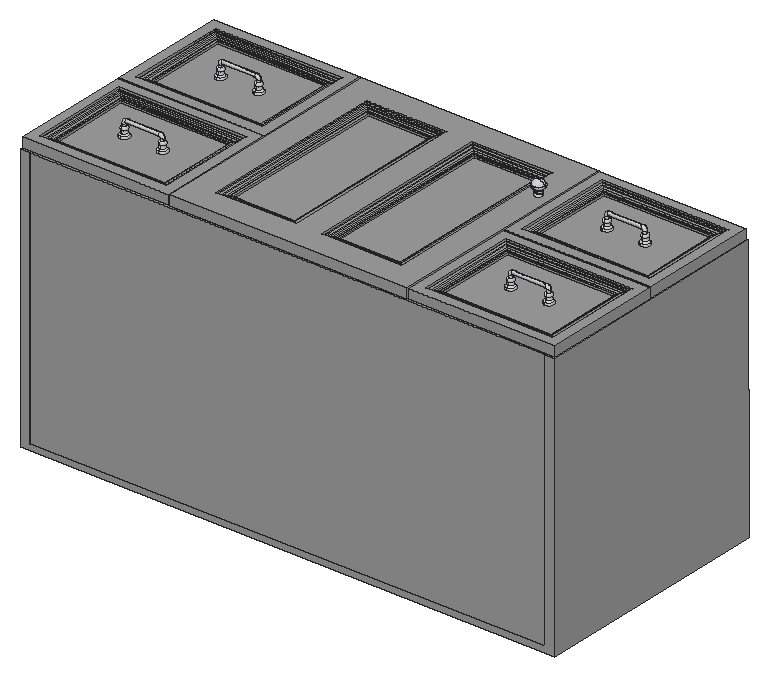
Revit family "Furniture-Vanity_Wall_Mount-KOHLER-Damask-K-99563", category Casework, host Face, Revit 2020
Family settings
  Host = Face
  OmniClass Number = 23.40.35.17.47.14
  OmniClass Title = Bathroom Casework
  Cut with Voids When Loaded = No
  Shared = No
  Room Calculation Point = No
Parameters (values of type "Not a Type-See Type Catalog")
  Width = 42"  # constant formula
  URL = "https://www.us.kohler.com/us/"
  Type = 0
  Product data url = "https://bimobject.com/kohler/product/kohler-K-99563"
  Product Page URL = "http://www.us.kohler.com/us/catalog/productDetails.jsp?productNumber=99563"
  Product Name = "Damask"  # constant formula
  Product Guid = "f839ac50-857e-48b7-a8b8-39f53af001d1"
  Product Documentation Link = "http://www.us.kohler.com/onlinecatalog/pdf/K-99563_spec.pdf"
  Model = if(Type = 1, "K-99563-1WA", if(Type = 2, "K-99563-1WF", if(Type = 3, "K-99563-1WD", if(Type = 4, "K-99563-1WG", if(Type = 5, "K-99563-1WB", if(Type = 6, "K-99563-1WC", if(Type = 7, "K-99563-1WE", if(Type = 8, "K-99563-1WT", if(Type = 9, "K-99563-1WU", "NA")))))))))  # "NA"
  Material = "Solid Wood and Veneers"  # constant formula
  MasterFormat 2004 = "08.71.73"  # constant formula
  MasterFormat 1995 = "08715"  # constant formula
  Manufacturer Address = "444 Highland Dr, Kohler, WI 53044"  # constant formula
  Manufacturer = "KOHLER Co."  # constant formula
  Product Finish = Default
  Height = 19"  # constant formula
  Hardware Included = 0 = 1  # no
  Finish = if(Type = 1, "Kohler-Wood-1WA-Linen White", if(Type = 2, "Kohler-Wood-1WF-Khaki White Oak", if(Type = 3, "Kohler-Wood-1WD-Ramie Walnut", if(Type = 4, "Kohler-Wood-1WG-Cherry Tweed", if(Type = 5, "Kohler-Wood-1WB-Claret Suede", if(Type = 6, "Kohler-Wood-1WC-Felt Grey", if(Type = 7, "Kohler-Wood-1WE-Terry Walnut", if(Type = 8, "Kohler-Wood-1WT-Mohair Grey", if(Type = 9, "Kohler-Wood-1WU-Batiste Black", "NA")))))))))  # "NA"
  Environmental Product Declaration = ""
  Edition number = 1
  Description = "42 inch wall-hung bathroom vanity cabinet with 1 door and 4 drawers"  # constant formula
  Depth = 21 7/8"  # constant formula
  Default Elevation = 35"
  Declare Label = ""
  Date Modified = "06/11/2018"  # constant formula
  Date Created = "06/11/2018"  # constant formula
  Copyright = "Copyright KOHLER Co."  # constant formula
  Contact Us = "https://www.us.kohler.com/us/static/contact.jsp"
  Construction Type = "Wall_Mount"  # constant formula
  Assembly Code = "E2010"
  ADA Compliant = 1 = 0  # no
Reference planes (in)
  plane 1 "Center (Front/Back)": y = 0
  plane 2: z = 0
  plane 3 "Center (Left/Right)": x = 0
  plane 4: y = 9.52
  plane 5: y = -9.48
  plane 6: x = -21
  plane 7: x = 21
  plane 8: z = 21.875
Dimensions and locks (in)
  "Height": plane 5 to plane 4
  equal spacing: plane 6, plane 3 "Center (Left/Right)", plane 7, locked at 21 each
  "Width": plane 6 to plane 7
  "Depth": plane 8 to level
  aligned and locked: plane 2 to host face
  aligned and locked: level to host face
  aligned and locked: plane 4 to nested 1
  aligned and locked: plane 5 to nested 1
  aligned and locked: plane 6 to nested 1
  aligned and locked: plane 7 to nested 1
  aligned and locked: plane 8 to nested 1
  aligned and locked: level to nested 1
Automatic sketch dimensions
  host sketch curve to host sketch curve = 96"  (x2)
Nested families (in)
  nested 1: "K-99563" at (0, 0, 0), type "K-99563"
Definition of nested family "K-99563"
  Parameters (values of type "K-99563")
    Material = none
    Default Elevation = 0"
  Reference planes (in)
    plane 1 "Center (Front/Back)": y = 0
    plane 2: z = 0
    plane 3 "Center (Left/Right)": x = 0
    plane 4: y = -9.48
    plane 5: y = 9.52
    plane 6: z = 21.875
    plane 7: x = -21
    plane 8: x = 21
  Forms (in)
    Extrusion 1, solid, material <- "Material", detail levels medium+fine
      sketch origin (0, 0, 0) x (1, 0, 0) y (0, 1, 0)
        loop
          line (9.4375, 0.06247) -> (20.9375, 0.06247) -> (20.9375, 9.3958) -> (9.4375, 9.3958) -> (9.4375, 0.06247)
        loop
          line (20.9375, -0.06087) -> (9.4375, -0.06087) -> (9.4375, -9.3942) -> (20.9375, -9.3942) -> (20.9375, -0.06087)
        loop
          line (9.3125, 9.3958) -> (-9.3125, 9.3958) -> (-9.3125, -9.39422) -> (9.3125, -9.39422) -> (9.3125, 9.3958)
        loop
          line (-20.9375, -9.3942) -> (-9.4375, -9.3942) -> (-9.4375, -0.06087) -> (-20.9375, -0.06087) -> (-20.9375, -9.3942)
        loop
          line (-20.9375, 9.395) -> (-20.9375, 0.06247) -> (-9.4375, 0.06247) -> (-9.4375, 9.395) -> (-20.9375, 9.395)
        loop
          line (-20.18745, 8.64575) -> (-20.18745, 0.81252) -> (-10.18755, 0.81252) -> (-10.18755, 8.64575) -> (-20.18745, 8.64575)
        loop
          line (-20.18745, -0.81092) -> (-20.18745, -8.64415) -> (-10.18755, -8.64415) -> (-10.18755, -0.81092) -> (-20.18745, -0.81092)
        loop
          line (7.3125, -7.39418) -> (7.3125, 7.39576) -> (1, 7.39576) -> (1, -7.39418) -> (7.3125, -7.39418)
        loop
          line (-7.3125, 7.39576) -> (-7.3125, -7.39418) -> (-1, -7.39418) -> (-1, 7.39576) -> (-7.3125, 7.39576)
        loop
          line (10.18755, -0.81092) -> (10.18755, -8.64415) -> (20.18745, -8.64415) -> (20.18745, -0.81092) -> (10.18755, -0.81092)
        loop
          line (10.18755, 8.64575) -> (10.18755, 0.81252) -> (20.18745, 0.81252) -> (20.18745, 8.64575) -> (10.18755, 8.64575)
      from 21.06253 to 21.81396
    Extrusion 2, solid, material <- "Material", detail levels medium+fine
      sketch origin (0, 0, 0) x (1, 0, 0) y (0, 0, 1)
        loop
          line (-21, 21) -> (-21, 0) -> (21, 0) -> (21, 21) -> (20.25, 21) -> (20.25, 0.5) -> (-20.25, 0.5) -> (-20.25, 21) -> (-21, 21)
      from -9.52 to 9.52
    Extrusion 3, solid, material <- "Material", detail levels medium+fine
      sketch origin (0, 0, 0) x (0, 1, 0) y (0, 0, 1)
        loop
          line (8.52, 20.25) -> (6.52, 20.25) -> (6.52, 21) -> (-8.77, 21) -> (-8.77, 0.5) -> (3.145, 0.5) -> (3.145, 16.25)
          arc (3.145, 16.25) -> (3.73079, 17.66421) -> (5.145, 18.25) r 2
          line (5.145, 18.25) -> (8.27, 18.25) -> (8.52, 18.5) -> (8.52, 20.25)
      from 9 to 9.75
    Extrusion 4, solid, material <- "Material", detail levels medium+fine
      sketch origin (0, 0, 0) x (0, 1, 0) y (0, 0, 1)
        loop
          line (8.52, 20.25) -> (6.52, 20.25) -> (6.52, 21) -> (-8.77, 21) -> (-8.77, 0.5) -> (3.145, 0.5) -> (3.145, 16.25)
          arc (3.145, 16.25) -> (3.73079, 17.66421) -> (5.145, 18.25) r 2
          line (5.145, 18.25) -> (8.27, 18.25) -> (8.52, 18.5) -> (8.52, 20.25)
      from -9.75 to -9
    Extrusion 5, solid, material <- "Material", detail levels medium+fine
      sketch origin (0, 0, 0) x (1, 0, 0) y (0, 0, 1)
        loop
          line (20.25, 0.5) -> (20.25, 1.25) -> (-20.25, 1.25) -> (-20.25, 0.5) -> (20.25, 0.5)
      from -9.52 to -5.52
    Extrusion 6, solid, material <- "Material", detail levels medium+fine
      sketch origin (0, 0, 0) x (1, 0, 0) y (0, 0, 1)
        loop
          line (20.25, 0.5) -> (20.25, 21) -> (-20.25, 21) -> (-20.25, 0.5) -> (20.25, 0.5)
      from 8.77 to 9.48
    Extrusion 7, solid, material <- "Material", detail levels medium+fine
      sketch origin (0, 0, 0) x (1, 0, 0) y (0, 0, 1)
        loop
          line (10.125, 3.0625) -> (20.25, 3.0625) -> (20.25, 20.8125) -> (19.625, 20.8125) -> (19.625, 3.6875) -> (10.75, 3.6875) -> (10.75, 20.8125) -> (10.125, 20.8125) -> (10.125, 3.0625)
        loop
          line (-10.125, 3.0625) -> (-10.125, 20.81) -> (-10.75, 20.81) -> (-10.75, 3.6875) -> (-19.625, 3.6875) -> (-19.625, 20.81) -> (-20.25, 20.81) -> (-20.25, 3.0625) -> (-10.125, 3.0625)
      from -4.18799 to 8.26601
    Extrusion 8, solid, material <- "Material", detail levels medium+fine
      sketch origin (0, 0, 0) x (1, 0, 0) y (0, 1, 0)
        loop
          line (10.5, 1.93667) -> (10.5, 1.68667) -> (19.875, 1.68667) -> (19.875, 1.93667) -> (10.5, 1.93667)
        loop
          line (-10.5, 1.93667) -> (-19.875, 1.93667) -> (-19.875, 1.68667) -> (-10.5, 1.68667) -> (-10.5, 1.93667)
      from 3.4375 to 20.6875
    Extrusion 9, solid, material <- "Material", detail levels medium+fine
      sketch origin (0, 0, 0) x (1, 0, 0) y (0, 0, 1)
        loop
          line (20.25, 21.06253) -> (-20.25, 21.06253) -> (-20.25, 20.25) -> (20.25, 20.25) -> (20.25, 21.06253)
      from -9.52 to -6.51999
    Extrusion 10, solid, material <- "Material", detail levels medium+fine
      sketch origin (0, 0, 0) x (1, 0, 0) y (0, 0, 1)
        loop
          line (-19.875, 20.81) -> (-19.875, 20.25) -> (-10.5, 20.25) -> (-10.5, 20.81) -> (-19.875, 20.81)
        loop
          line (19.875, 20.8125) -> (10.5, 20.8125) -> (10.5, 20.25) -> (19.875, 20.25) -> (19.875, 20.8125)
      from -4.18667 to 8.77
    Sweep 11, solid, material <- "Material", detail levels medium+fine
      path origin (0, 0, 0) x (1, 0, 0) y (0, 1, 0)
        loop
          line (-19.4375, 1.56166) -> (-10.9375, 1.56166) -> (-10.9375, 7.895) -> (-19.4375, 7.895) -> (-19.4375, 1.56166)
      profile origin (-19.4375, 4.72833, 0) x (-1, 0, 0) y (0, 0, 1)
        loop
          line (0.74995, 21.06251) -> (0.74995, 21.68756) -> (0.62842, 21.68756)
          arc (0.62842, 21.68756) -> (0.59004, 21.65332) -> (0.54583, 21.62701) r 0.26887
          arc (0.54583, 21.62701) -> (0.50337, 21.60946) -> (0.45938, 21.59617) r 0.46744
          arc (0.45938, 21.59617) -> (0.3696, 21.57611) -> (0.27894, 21.5605) r 1.87094
          arc (0.27894, 21.5605) -> (0.21643, 21.54924) -> (0.15476, 21.534) r 0.98898
          arc (0.15476, 21.534) -> (0.12287, 21.52358) -> (0.09193, 21.51059) r 0.40859
          arc (0.09193, 21.51059) -> (0.05869, 21.49063) -> (0.03018, 21.46434) r 0.19032
          arc (0.03018, 21.46434) -> (0.0166, 21.44452) -> (0.00826, 21.422) r 0.09784
          arc (0.00826, 21.422) -> (-0.00056, 21.36638) -> (-0.00106, 21.31006) r 0.37976
          line (-0.00106, 21.31006) -> (0.5, 21.31006) -> (0.5, 21.06251) -> (0.74995, 21.06251)
    Sweep 12, solid, material <- "Material", detail levels medium+fine
      path origin (30.36675, 0, 0) x (1, 0, 0) y (0, 1, 0)
        loop
          line (-19.4375, 1.56166) -> (-10.9375, 1.56166) -> (-10.9375, 7.895) -> (-19.4375, 7.895) -> (-19.4375, 1.56166)
      profile origin (10.92925, 4.72833, 0) x (-1, 0, 0) y (0, 0, 1)
        loop
          line (0.74995, 21.05995) -> (0.74995, 21.685) -> (0.62842, 21.685)
          arc (0.62842, 21.685) -> (0.59004, 21.65075) -> (0.54583, 21.62445) r 0.26887
          arc (0.54583, 21.62445) -> (0.50337, 21.6069) -> (0.45938, 21.5936) r 0.46744
          arc (0.45938, 21.5936) -> (0.3696, 21.57355) -> (0.27894, 21.55793) r 1.87094
          arc (0.27894, 21.55793) -> (0.21643, 21.54668) -> (0.15476, 21.53143) r 0.98898
          arc (0.15476, 21.53143) -> (0.12287, 21.52102) -> (0.09193, 21.50803) r 0.40859
          arc (0.09193, 21.50803) -> (0.05869, 21.48806) -> (0.03018, 21.46178) r 0.19032
          arc (0.03018, 21.46178) -> (0.0166, 21.44196) -> (0.00826, 21.41943) r 0.09784
          arc (0.00826, 21.41943) -> (-0.00056, 21.36381) -> (-0.00106, 21.3075) r 0.37976
          line (-0.00106, 21.3075) -> (0.5, 21.3075) -> (0.5, 21.05995) -> (0.74995, 21.05995)
    Sweep 13, solid, material <- "Material", detail levels medium+fine
      path origin (30.36675, -9.46493, -0.00015) x (1, 0, 0) y (0, 1, 0)
        loop
          line (-19.4375, 1.56166) -> (-10.9375, 1.56166) -> (-10.9375, 7.895) -> (-19.4375, 7.895) -> (-19.4375, 1.56166)
      profile origin (10.92925, -4.7366, -0.00015) x (-1, 0, 0) y (0, 0, 1)
        loop
          line (0.74995, 21.05995) -> (0.74995, 21.685) -> (0.62842, 21.685)
          arc (0.62842, 21.685) -> (0.59004, 21.65075) -> (0.54583, 21.62445) r 0.26887
          arc (0.54583, 21.62445) -> (0.50337, 21.6069) -> (0.45938, 21.5936) r 0.46744
          arc (0.45938, 21.5936) -> (0.3696, 21.57355) -> (0.27894, 21.55793) r 1.87094
          arc (0.27894, 21.55793) -> (0.21643, 21.54668) -> (0.15476, 21.53143) r 0.98898
          arc (0.15476, 21.53143) -> (0.12287, 21.52102) -> (0.09193, 21.50803) r 0.40859
          arc (0.09193, 21.50803) -> (0.05869, 21.48806) -> (0.03018, 21.46178) r 0.19032
          arc (0.03018, 21.46178) -> (0.0166, 21.44196) -> (0.00826, 21.41943) r 0.09784
          arc (0.00826, 21.41943) -> (-0.00056, 21.36381) -> (-0.00106, 21.3075) r 0.37976
          line (-0.00106, 21.3075) -> (0.5, 21.3075) -> (0.5, 21.05995) -> (0.74995, 21.05995)
    Sweep 14, solid, material <- "Material", detail levels medium+fine
      path origin (-0.00825, -9.46493, -0.00015) x (1, 0, 0) y (0, 1, 0)
        loop
          line (-19.4375, 1.56166) -> (-10.9375, 1.56166) -> (-10.9375, 7.895) -> (-19.4375, 7.895) -> (-19.4375, 1.56166)
      profile origin (-19.44575, -4.7366, -0.00015) x (-1, 0, 0) y (0, 0, 1)
        loop
          line (0.74995, 21.05995) -> (0.74995, 21.685) -> (0.62842, 21.685)
          arc (0.62842, 21.685) -> (0.59004, 21.65075) -> (0.54583, 21.62445) r 0.26887
          arc (0.54583, 21.62445) -> (0.50337, 21.6069) -> (0.45938, 21.5936) r 0.46744
          arc (0.45938, 21.5936) -> (0.3696, 21.57355) -> (0.27894, 21.55793) r 1.87094
          arc (0.27894, 21.55793) -> (0.21643, 21.54668) -> (0.15476, 21.53143) r 0.98898
          arc (0.15476, 21.53143) -> (0.12287, 21.52102) -> (0.09193, 21.50803) r 0.40859
          arc (0.09193, 21.50803) -> (0.05869, 21.48806) -> (0.03018, 21.46178) r 0.19032
          arc (0.03018, 21.46178) -> (0.0166, 21.44196) -> (0.00826, 21.41943) r 0.09784
          arc (0.00826, 21.41943) -> (-0.00056, 21.36381) -> (-0.00106, 21.3075) r 0.37976
          line (-0.00106, 21.3075) -> (0.5, 21.3075) -> (0.5, 21.05995) -> (0.74995, 21.05995)
    Sweep 15, solid, material <- "Material", detail levels medium+fine
      path origin (0, 0, 0) x (1, 0, 0) y (0, 1, 0)
        loop
          line (-6.56255, 6.64499) -> (-6.56255, -6.64501) -> (-1.75015, -6.64501) -> (-1.75015, 6.64499) -> (-6.56255, 6.64499)
      profile origin (-6.56255, -0.00001, 0) x (1, 0, 0) y (0, 0, 1)
        loop
          line (-0.74995, 21.06362) -> (-0.5, 21.06362) -> (-0.5, 21.31118) -> (0.00106, 21.31118)
          arc (0.00106, 21.31118) -> (0.00056, 21.36749) -> (-0.00826, 21.42311) r 0.37976
          arc (-0.00826, 21.42311) -> (-0.0166, 21.44564) -> (-0.03018, 21.46545) r 0.09784
          arc (-0.03018, 21.46545) -> (-0.05869, 21.49174) -> (-0.09193, 21.51171) r 0.19032
          arc (-0.09193, 21.51171) -> (-0.12287, 21.5247) -> (-0.15476, 21.53511) r 0.40859
          arc (-0.15476, 21.53511) -> (-0.21643, 21.55036) -> (-0.27894, 21.56161) r 0.98898
          arc (-0.27894, 21.56161) -> (-0.3696, 21.57723) -> (-0.45938, 21.59728) r 1.87094
          arc (-0.45938, 21.59728) -> (-0.50337, 21.61058) -> (-0.54583, 21.62812) r 0.46744
          arc (-0.54583, 21.62812) -> (-0.59004, 21.65443) -> (-0.62842, 21.68868) r 0.26887
          line (-0.62842, 21.68868) -> (-0.74995, 21.68868) -> (-0.74995, 21.06362)
    Sweep 16, solid, material <- "Material", detail levels medium+fine
      path origin (8.31283, -0.00195, 0) x (1, 0, 0) y (0, 1, 0)
        loop
          line (-6.56255, 6.64499) -> (-6.56255, -6.64501) -> (-1.75015, -6.64501) -> (-1.75015, 6.64499) -> (-6.56255, 6.64499)
      profile origin (1.75028, -0.00197, 0) x (1, 0, 0) y (0, 0, 1)
        loop
          line (-0.74995, 21.06399) -> (-0.5, 21.06399) -> (-0.5, 21.31154) -> (0.00106, 21.31154)
          arc (0.00106, 21.31154) -> (0.00056, 21.36786) -> (-0.00826, 21.42348) r 0.37976
          arc (-0.00826, 21.42348) -> (-0.0166, 21.44601) -> (-0.03018, 21.46582) r 0.09784
          arc (-0.03018, 21.46582) -> (-0.05869, 21.49211) -> (-0.09193, 21.51207) r 0.19032
          arc (-0.09193, 21.51207) -> (-0.12287, 21.52507) -> (-0.15476, 21.53548) r 0.40859
          arc (-0.15476, 21.53548) -> (-0.21643, 21.55072) -> (-0.27894, 21.56198) r 0.98898
          arc (-0.27894, 21.56198) -> (-0.3696, 21.57759) -> (-0.45938, 21.59765) r 1.87094
          arc (-0.45938, 21.59765) -> (-0.50337, 21.61094) -> (-0.54583, 21.62849) r 0.46744
          arc (-0.54583, 21.62849) -> (-0.59004, 21.6548) -> (-0.62842, 21.68904) r 0.26887
          line (-0.62842, 21.68904) -> (-0.74995, 21.68904) -> (-0.74995, 21.06399)
    Extrusion 17, solid, material <- "Material", detail levels medium+fine
      sketch origin (0, 0, 0) x (1, 0, 0) y (0, 1, 0)
        loop
          line (-19.43644, 7.89394) -> (-19.43644, 1.56273) -> (-10.93856, 1.56273) -> (-10.93856, 7.89394) -> (-19.43644, 7.89394)
        loop
          line (-19.44469, -1.57099) -> (-19.44469, -7.9022) -> (-10.94682, -7.9022) -> (-10.94682, -1.57099) -> (-19.44469, -1.57099)
        loop
          line (-1.75121, -6.64395) -> (-1.75121, 6.64392) -> (-6.56149, 6.64392) -> (-6.56149, -6.64395) -> (-1.75121, -6.64395)
        loop
          line (1.75135, 6.64197) -> (1.75135, -6.6459) -> (6.56162, -6.6459) -> (6.56162, 6.64197) -> (1.75135, 6.64197)
        loop
          line (10.93031, -1.57099) -> (10.93031, -7.9022) -> (19.42818, -7.9022) -> (19.42818, -1.57099) -> (10.93031, -1.57099)
        loop
          line (19.42818, 1.56273) -> (19.42818, 7.89394) -> (10.93031, 7.89394) -> (10.93031, 1.56273) -> (19.42818, 1.56273)
      from 21.0636 to 21.31168
    Revolve 18, solid, detail levels medium+fine
      sketch origin (0, 4.76974, 0) x (1, 0, 0) y (0, 0, 1)
        loop
          line (8.31101, 21.8103) -> (8.57666, 21.8103)
          arc (8.57666, 21.8103) -> (8.55599, 21.88399) -> (8.49859, 21.9346) r 0.135
          line (8.49859, 21.9346) -> (8.49859, 21.99708)
          arc (8.49859, 21.99708) -> (8.56276, 22.02294) -> (8.59214, 22.08558) r 0.09453
          line (8.59214, 22.08558) -> (8.60028, 22.21306)
          arc (8.60028, 22.21306) -> (8.64154, 22.32693) -> (8.73756, 22.40075) r 0.21622
          arc (8.73756, 22.40075) -> (8.80098, 22.45796) -> (8.80328, 22.54333) r 0.10839
          arc (8.80328, 22.54333) -> (8.79353, 22.55548) -> (8.77864, 22.56006) r 0.02651
          line (8.77864, 22.56006) -> (8.74067, 22.56006)
          arc (8.74067, 22.56006) -> (8.58715, 22.80857) -> (8.31101, 22.90385) r 0.43477
          line (8.31101, 22.90385) -> (8.31101, 21.8103)
        axis (8.31101, 22.90385) -> (8.31101, 21.8103)
      angle from 0 to 360
    Revolve 19, solid, detail levels medium+fine
      sketch origin (-16.68768, -0.00146, 0) x (0, 1, 0) y (0, 0, 1)
        loop
          line (4.77097, 21.3078) -> (4.77097, 22.0869) -> (4.64596, 22.0869) -> (4.64596, 22.04725)
          arc (4.64596, 22.04725) -> (4.64046, 22.03247) -> (4.62665, 22.02489) r 0.02259
          arc (4.62665, 22.02489) -> (4.53466, 21.9595) -> (4.53372, 21.84665) r 0.12405
          arc (4.53372, 21.84665) -> (4.56855, 21.72439) -> (4.55648, 21.59783) r 0.34313
          arc (4.55648, 21.59783) -> (4.50767, 21.49552) -> (4.42854, 21.41434) r 0.34776
          arc (4.42854, 21.41434) -> (4.39461, 21.36646) -> (4.39597, 21.3078) r 0.09332
          line (4.39597, 21.3078) -> (4.77097, 21.3078)
        axis (4.77097, 22.0869) -> (4.77097, 21.3078)
      angle from 0 to 360
    Revolve 20, solid, detail levels medium+fine
      sketch origin (-13.68719, -0.00098, 0) x (0, 1, 0) y (0, 0, 1)
        loop
          line (4.77097, 21.3078) -> (4.77097, 22.0869) -> (4.64596, 22.0869) -> (4.64596, 22.04725)
          arc (4.64596, 22.04725) -> (4.64046, 22.03247) -> (4.62665, 22.02489) r 0.02259
          arc (4.62665, 22.02489) -> (4.53466, 21.9595) -> (4.53372, 21.84665) r 0.12405
          arc (4.53372, 21.84665) -> (4.56855, 21.72439) -> (4.55648, 21.59783) r 0.34313
          arc (4.55648, 21.59783) -> (4.50767, 21.49552) -> (4.42854, 21.41434) r 0.34776
          arc (4.42854, 21.41434) -> (4.39461, 21.36646) -> (4.39597, 21.3078) r 0.09332
          line (4.39597, 21.3078) -> (4.77097, 21.3078)
        axis (4.77097, 22.0869) -> (4.77097, 21.3078)
      angle from 0 to 360
    Sweep 21, solid, detail levels medium+fine
      path origin (0.00586, 4.77004, 0) x (1, 0, 0) y (0, 0, 1)
        loop
          line (-13.6942, 22.0869) -> (-13.6942, 22.26499)
          arc (-13.6942, 22.26499) -> (-13.74404, 22.38532) -> (-13.86437, 22.43516) r 0.17016
          line (-13.86437, 22.43516) -> (-16.52233, 22.43516)
          arc (-16.52233, 22.43516) -> (-16.64386, 22.38482) -> (-16.6942, 22.26328) r 0.17188
          line (-16.6942, 22.26328) -> (-16.6942, 22.0869)
      profile origin (-13.68835, 4.77004, 22.17595) x (-1, 0, 0) y (0, -1, 0)
        loop
          circle (0, 0) r 0.12501
    Revolve 22, solid, detail levels medium+fine
      sketch origin (-16.68792, -9.45811, -0.00015) x (0, 1, 0) y (0, 0, 1)
        loop
          line (4.77097, 21.3078) -> (4.77097, 22.0869) -> (4.64596, 22.0869) -> (4.64596, 22.04725)
          arc (4.64596, 22.04725) -> (4.64046, 22.03247) -> (4.62665, 22.02489) r 0.02259
          arc (4.62665, 22.02489) -> (4.53466, 21.9595) -> (4.53372, 21.84665) r 0.12405
          arc (4.53372, 21.84665) -> (4.56855, 21.72439) -> (4.55648, 21.59783) r 0.34313
          arc (4.55648, 21.59783) -> (4.50767, 21.49552) -> (4.42854, 21.41434) r 0.34776
          arc (4.42854, 21.41434) -> (4.39461, 21.36646) -> (4.39597, 21.3078) r 0.09332
          line (4.39597, 21.3078) -> (4.77097, 21.3078)
        axis (4.77097, 22.0869) -> (4.77097, 21.3078)
      angle from 0 to 360
    Revolve 23, solid, detail levels medium+fine
      sketch origin (-13.68743, -9.45762, -0.00015) x (0, 1, 0) y (0, 0, 1)
        loop
          line (4.77097, 21.3078) -> (4.77097, 22.0869) -> (4.64596, 22.0869) -> (4.64596, 22.04725)
          arc (4.64596, 22.04725) -> (4.64046, 22.03247) -> (4.62665, 22.02489) r 0.02259
          arc (4.62665, 22.02489) -> (4.53466, 21.9595) -> (4.53372, 21.84665) r 0.12405
          arc (4.53372, 21.84665) -> (4.56855, 21.72439) -> (4.55648, 21.59783) r 0.34313
          arc (4.55648, 21.59783) -> (4.50767, 21.49552) -> (4.42854, 21.41434) r 0.34776
          arc (4.42854, 21.41434) -> (4.39461, 21.36646) -> (4.39597, 21.3078) r 0.09332
          line (4.39597, 21.3078) -> (4.77097, 21.3078)
        axis (4.77097, 22.0869) -> (4.77097, 21.3078)
      angle from 0 to 360
    Sweep 24, solid, detail levels medium+fine
      path origin (0.00562, -4.68661, -0.00015) x (1, 0, 0) y (0, 0, 1)
        loop
          line (-13.6942, 22.0869) -> (-13.6942, 22.26499)
          arc (-13.6942, 22.26499) -> (-13.74404, 22.38532) -> (-13.86437, 22.43516) r 0.17016
          line (-13.86437, 22.43516) -> (-16.52233, 22.43516)
          arc (-16.52233, 22.43516) -> (-16.64386, 22.38482) -> (-16.6942, 22.26328) r 0.17188
          line (-16.6942, 22.26328) -> (-16.6942, 22.0869)
      profile origin (-13.68859, -4.68661, 22.1758) x (-1, 0, 0) y (0, -1, 0)
        loop
          circle (0, 0) r 0.12501
    Revolve 25, solid, detail levels medium+fine
      sketch origin (13.68733, -9.45835, -0.00015) x (0, 1, 0) y (0, 0, 1)
        loop
          line (4.77097, 21.3078) -> (4.77097, 22.0869) -> (4.64596, 22.0869) -> (4.64596, 22.04725)
          arc (4.64596, 22.04725) -> (4.64046, 22.03247) -> (4.62665, 22.02489) r 0.02259
          arc (4.62665, 22.02489) -> (4.53466, 21.9595) -> (4.53372, 21.84665) r 0.12405
          arc (4.53372, 21.84665) -> (4.56855, 21.72439) -> (4.55648, 21.59783) r 0.34313
          arc (4.55648, 21.59783) -> (4.50767, 21.49552) -> (4.42854, 21.41434) r 0.34776
          arc (4.42854, 21.41434) -> (4.39461, 21.36646) -> (4.39597, 21.3078) r 0.09332
          line (4.39597, 21.3078) -> (4.77097, 21.3078)
        axis (4.77097, 22.0869) -> (4.77097, 21.3078)
      angle from 0 to 360
    Revolve 26, solid, detail levels medium+fine
      sketch origin (16.68782, -9.45786, -0.00015) x (0, 1, 0) y (0, 0, 1)
        loop
          line (4.77097, 21.3078) -> (4.77097, 22.0869) -> (4.64596, 22.0869) -> (4.64596, 22.04725)
          arc (4.64596, 22.04725) -> (4.64046, 22.03247) -> (4.62665, 22.02489) r 0.02259
          arc (4.62665, 22.02489) -> (4.53466, 21.9595) -> (4.53372, 21.84665) r 0.12405
          arc (4.53372, 21.84665) -> (4.56855, 21.72439) -> (4.55648, 21.59783) r 0.34313
          arc (4.55648, 21.59783) -> (4.50767, 21.49552) -> (4.42854, 21.41434) r 0.34776
          arc (4.42854, 21.41434) -> (4.39461, 21.36646) -> (4.39597, 21.3078) r 0.09332
          line (4.39597, 21.3078) -> (4.77097, 21.3078)
        axis (4.77097, 22.0869) -> (4.77097, 21.3078)
      angle from 0 to 360
    Sweep 27, solid, detail levels medium+fine
      path origin (30.38087, -4.68685, -0.00015) x (1, 0, 0) y (0, 0, 1)
        loop
          line (-13.6942, 22.0869) -> (-13.6942, 22.26499)
          arc (-13.6942, 22.26499) -> (-13.74404, 22.38532) -> (-13.86437, 22.43516) r 0.17016
          line (-13.86437, 22.43516) -> (-16.52233, 22.43516)
          arc (-16.52233, 22.43516) -> (-16.64386, 22.38482) -> (-16.6942, 22.26328) r 0.17188
          line (-16.6942, 22.26328) -> (-16.6942, 22.0869)
      profile origin (16.68666, -4.68685, 22.1758) x (-1, 0, 0) y (0, -1, 0)
        loop
          circle (0, 0) r 0.12501
    Revolve 28, solid, detail levels medium+fine
      sketch origin (13.68708, -0.00137, 0) x (0, 1, 0) y (0, 0, 1)
        loop
          line (4.77097, 21.3078) -> (4.77097, 22.0869) -> (4.64596, 22.0869) -> (4.64596, 22.04725)
          arc (4.64596, 22.04725) -> (4.64046, 22.03247) -> (4.62665, 22.02489) r 0.02259
          arc (4.62665, 22.02489) -> (4.53466, 21.9595) -> (4.53372, 21.84665) r 0.12405
          arc (4.53372, 21.84665) -> (4.56855, 21.72439) -> (4.55648, 21.59783) r 0.34313
          arc (4.55648, 21.59783) -> (4.50767, 21.49552) -> (4.42854, 21.41434) r 0.34776
          arc (4.42854, 21.41434) -> (4.39461, 21.36646) -> (4.39597, 21.3078) r 0.09332
          line (4.39597, 21.3078) -> (4.77097, 21.3078)
        axis (4.77097, 22.0869) -> (4.77097, 21.3078)
      angle from 0 to 360
    Revolve 29, solid, detail levels medium+fine
      sketch origin (16.68757, -0.00088, 0) x (0, 1, 0) y (0, 0, 1)
        loop
          line (4.77097, 21.3078) -> (4.77097, 22.0869) -> (4.64596, 22.0869) -> (4.64596, 22.04725)
          arc (4.64596, 22.04725) -> (4.64046, 22.03247) -> (4.62665, 22.02489) r 0.02259
          arc (4.62665, 22.02489) -> (4.53466, 21.9595) -> (4.53372, 21.84665) r 0.12405
          arc (4.53372, 21.84665) -> (4.56855, 21.72439) -> (4.55648, 21.59783) r 0.34313
          arc (4.55648, 21.59783) -> (4.50767, 21.49552) -> (4.42854, 21.41434) r 0.34776
          arc (4.42854, 21.41434) -> (4.39461, 21.36646) -> (4.39597, 21.3078) r 0.09332
          line (4.39597, 21.3078) -> (4.77097, 21.3078)
        axis (4.77097, 22.0869) -> (4.77097, 21.3078)
      angle from 0 to 360
    Sweep 30, solid, detail levels medium+fine
      path origin (30.38062, 4.77013, 0) x (1, 0, 0) y (0, 0, 1)
        loop
          line (-13.6942, 22.0869) -> (-13.6942, 22.26499)
          arc (-13.6942, 22.26499) -> (-13.74404, 22.38532) -> (-13.86437, 22.43516) r 0.17016
          line (-13.86437, 22.43516) -> (-16.52233, 22.43516)
          arc (-16.52233, 22.43516) -> (-16.64386, 22.38482) -> (-16.6942, 22.26328) r 0.17188
          line (-16.6942, 22.26328) -> (-16.6942, 22.0869)
      profile origin (16.68642, 4.77013, 22.17595) x (-1, 0, 0) y (0, -1, 0)
        loop
          circle (0, 0) r 0.12501
    Extrusion 31, solid, material <- "Material", detail levels coarse
      sketch origin (0, 0, 0) x (1, 0, 0) y (0, 0, 1)
        loop
          line (-21, 0) -> (21, 0) -> (21, 21) -> (20.25, 21) -> (20.25, 21.06253) -> (20.9375, 21.06253) -> (20.9375, 21.81396) -> (9.4375, 21.81396) -> (9.4375, 21.06253) -> (9.3125, 21.06253) -> (9.3125, 21.81396) -> (-9.3125, 21.81396) -> (-9.3125, 21.06253) -> (-9.4375, 21.06253) -> (-9.4375, 21.81396) -> (-20.9375, 21.81396) -> (-20.9375, 21.06253) -> (-20.25, 21.06253) -> (-20.25, 21) -> (-21, 21) -> (-21, 0)
      from -9.52 to 9.52
    Extrusion 32, void, detail levels coarse
      sketch origin (0, 0, 0) x (1, 0, 0) y (0, 0, 1)
        loop
          line (-20.25, 0.5) -> (20.25, 0.5) -> (20.25, 20.25) -> (-20.25, 20.25) -> (-20.25, 0.5)
      from -10.63258 to 8.77
  Cuts and joins
    joined: Extrusion 1, Extrusion 2, Extrusion 3, Extrusion 4, Extrusion 5, Extrusion 6, Extrusion 7, Extrusion 8, Sweep 13, Sweep 14, Sweep 15, Sweep 16, Extrusion 17
    joined: Revolve 18, Revolve 19, Revolve 20, Revolve 22, Revolve 23, Revolve 25, Revolve 26, Revolve 28, Revolve 29
    joined: Sweep 21, Sweep 24, Sweep 27, Sweep 30
    joined: Extrusion 10, Sweep 11, Sweep 12
    Extrusion 32 cuts Extrusion 31
  Lines and regions (in)
    Masking region 1
      outline origin (0, 0, 0) x (1, 0, 0) y (0, 1, 0)
        loop
          line (-21, 9.52) -> (-21, -9.48) -> (21, -9.48) -> (21, 9.52) -> (-21, 9.52)
    Masking region 2
      outline origin (0, 0, 0) x (1, 0, 0) y (0, 0, 1)
        loop
          line (-21, 0) -> (21, 0) -> (21, 21) -> (20.25, 21) -> (20.25, 21.06253) -> (20.9375, 21.06253) -> (20.9375, 21.81396) -> (16.91054, 21.81396)
          arc (16.91054, 21.81396) -> (16.91725, 21.83049) -> (16.92482, 21.84665) r 0.34313
          arc (16.92482, 21.84665) -> (16.92388, 21.9595) -> (16.83189, 22.02489) r 0.12405
          arc (16.83189, 22.02489) -> (16.81808, 22.03247) -> (16.81258, 22.04725) r 0.02259
          line (16.81258, 22.04725) -> (16.81258, 22.26591)
          arc (16.81258, 22.26591) -> (16.72641, 22.47395) -> (16.51837, 22.56012) r 0.29421
          line (16.51837, 22.56012) -> (13.85718, 22.56012)
          arc (13.85718, 22.56012) -> (13.64885, 22.47383) -> (13.56257, 22.26551) r 0.29461
          line (13.56257, 22.26551) -> (13.56257, 22.04725)
          arc (13.56257, 22.04725) -> (13.55707, 22.03247) -> (13.54325, 22.02489) r 0.02259
          arc (13.54325, 22.02489) -> (13.45127, 21.9595) -> (13.45032, 21.84665) r 0.12405
          arc (13.45032, 21.84665) -> (13.45789, 21.83049) -> (13.4646, 21.81396) r 0.34313
          line (13.4646, 21.81396) -> (9.4375, 21.81396) -> (9.4375, 21.06253) -> (9.3125, 21.06253) -> (9.3125, 21.81396) -> (8.57666, 21.81396)
          arc (8.57666, 21.81396) -> (8.55501, 21.88553) -> (8.49859, 21.9346) r 0.135
          line (8.49859, 21.9346) -> (8.49859, 21.99708)
          arc (8.49859, 21.99708) -> (8.56276, 22.02294) -> (8.59214, 22.08558) r 0.09453
          line (8.59214, 22.08558) -> (8.60028, 22.21306)
          arc (8.60028, 22.21306) -> (8.64154, 22.32693) -> (8.73756, 22.40075) r 0.21622
          arc (8.73756, 22.40075) -> (8.80098, 22.45796) -> (8.80328, 22.54333) r 0.10839
          arc (8.80328, 22.54333) -> (8.79353, 22.55548) -> (8.77864, 22.56006) r 0.02651
          line (8.77864, 22.56006) -> (8.74067, 22.56006)
          arc (8.74067, 22.56006) -> (8.58715, 22.80857) -> (8.31101, 22.90385) r 0.43477
          arc (8.31101, 22.90385) -> (8.03488, 22.80857) -> (7.88136, 22.56006) r 0.43477
          line (7.88136, 22.56006) -> (7.84338, 22.56006)
          arc (7.84338, 22.56006) -> (7.8285, 22.55548) -> (7.81875, 22.54333) r 0.02651
          arc (7.81875, 22.54333) -> (7.82105, 22.45796) -> (7.88446, 22.40075) r 0.10839
          arc (7.88446, 22.40075) -> (7.98048, 22.32693) -> (8.02175, 22.21306) r 0.21622
          line (8.02175, 22.21306) -> (8.02989, 22.08558)
          arc (8.02989, 22.08558) -> (8.05926, 22.02294) -> (8.12344, 21.99708) r 0.09453
          line (8.12344, 21.99708) -> (8.12344, 21.9346)
          arc (8.12344, 21.9346) -> (8.06702, 21.88553) -> (8.04537, 21.81396) r 0.135
          line (8.04537, 21.81396) -> (-9.3125, 21.81396) -> (-9.3125, 21.06253) -> (-9.4375, 21.06253) -> (-9.4375, 21.81396) -> (-13.46471, 21.81396)
          arc (-13.46471, 21.81396) -> (-13.458, 21.83049) -> (-13.45043, 21.84665) r 0.34313
          arc (-13.45043, 21.84665) -> (-13.45137, 21.9595) -> (-13.54336, 22.02489) r 0.12405
          arc (-13.54336, 22.02489) -> (-13.55717, 22.03247) -> (-13.56267, 22.04725) r 0.02259
          line (-13.56267, 22.04725) -> (-13.56267, 22.26292)
          arc (-13.56267, 22.26292) -> (-13.64973, 22.47311) -> (-13.85992, 22.56017) r 0.29725
          line (-13.85992, 22.56017) -> (-16.51703, 22.56017)
          arc (-16.51703, 22.56017) -> (-16.72609, 22.47358) -> (-16.81268, 22.26452) r 0.29565
          line (-16.81268, 22.26452) -> (-16.81268, 22.04725)
          arc (-16.81268, 22.04725) -> (-16.81818, 22.03247) -> (-16.832, 22.02489) r 0.02259
          arc (-16.832, 22.02489) -> (-16.92398, 21.9595) -> (-16.92493, 21.84665) r 0.12405
          arc (-16.92493, 21.84665) -> (-16.91736, 21.83049) -> (-16.91065, 21.81396) r 0.34313
          line (-16.91065, 21.81396) -> (-20.9375, 21.81396) -> (-20.9375, 21.06253) -> (-20.25, 21.06253) -> (-20.25, 21) -> (-21, 21) -> (-21, 0)
        loop
          arc (16.4646, 21.81396) -> (16.45789, 21.83049) -> (16.45032, 21.84665) r 0.34313
          arc (16.45032, 21.84665) -> (16.45127, 21.9595) -> (16.54325, 22.02489) r 0.12405
          arc (16.54325, 22.02489) -> (16.55707, 22.03247) -> (16.56257, 22.04725) r 0.02259
          line (16.56257, 22.04725) -> (16.56257, 22.26326)
          arc (16.56257, 22.26326) -> (16.54887, 22.29631) -> (16.51582, 22.31) r 0.04674
          line (16.51582, 22.31) -> (13.85621, 22.31)
          arc (13.85621, 22.31) -> (13.82536, 22.29722) -> (13.81258, 22.26637) r 0.04363
          line (13.81258, 22.26637) -> (13.81258, 22.04725)
          arc (13.81258, 22.04725) -> (13.81808, 22.03247) -> (13.83189, 22.02489) r 0.02259
          arc (13.83189, 22.02489) -> (13.92388, 21.9595) -> (13.92482, 21.84665) r 0.12405
          arc (13.92482, 21.84665) -> (13.91725, 21.83049) -> (13.91054, 21.81396) r 0.34313
          line (13.91054, 21.81396) -> (16.4646, 21.81396)
        loop
          arc (-13.91065, 21.81396) -> (-13.91736, 21.83049) -> (-13.92493, 21.84665) r 0.34313
          arc (-13.92493, 21.84665) -> (-13.92398, 21.9595) -> (-13.832, 22.02489) r 0.12405
          arc (-13.832, 22.02489) -> (-13.81818, 22.03247) -> (-13.81268, 22.04725) r 0.02259
          line (-13.81268, 22.04725) -> (-13.81268, 22.26366)
          arc (-13.81268, 22.26366) -> (-13.82626, 22.29643) -> (-13.85904, 22.31001) r 0.04635
          line (-13.85904, 22.31001) -> (-16.51835, 22.31001)
          arc (-16.51835, 22.31001) -> (-16.54969, 22.29702) -> (-16.56267, 22.26568) r 0.04433
          line (-16.56267, 22.26568) -> (-16.56267, 22.04725)
          arc (-16.56267, 22.04725) -> (-16.55717, 22.03247) -> (-16.54336, 22.02489) r 0.02259
          arc (-16.54336, 22.02489) -> (-16.45137, 21.9595) -> (-16.45043, 21.84665) r 0.12405
          arc (-16.45043, 21.84665) -> (-16.458, 21.83049) -> (-16.46471, 21.81396) r 0.34313
          line (-16.46471, 21.81396) -> (-13.91065, 21.81396)
    Masking region 3
      outline origin (0, 0, 0) x (0, 1, 0) y (0, 0, 1)
        loop
          line (9.52, 0) -> (9.52, 21.06253) -> (9.395, 21.06253) -> (9.395, 21.875) -> (5.01709, 21.875)
          arc (5.01709, 21.875) -> (5.01352, 21.94317) -> (4.974, 21.99883) r 0.12246
          arc (4.974, 21.99883) -> (5.02716, 22.02915) -> (5.05061, 22.08566) r 0.09453
          line (5.05061, 22.08566) -> (5.05876, 22.21314)
          arc (5.05876, 22.21314) -> (5.10002, 22.32701) -> (5.19604, 22.40083) r 0.21622
          arc (5.19604, 22.40083) -> (5.25946, 22.45804) -> (5.26176, 22.54341) r 0.10839
          arc (5.26176, 22.54341) -> (5.25201, 22.55556) -> (5.23712, 22.56014) r 0.02651
          line (5.23712, 22.56014) -> (5.19914, 22.56014)
          arc (5.19914, 22.56014) -> (5.04563, 22.80865) -> (4.76949, 22.90393) r 0.43477
          arc (4.76949, 22.90393) -> (4.49335, 22.80865) -> (4.33984, 22.56014) r 0.43477
          line (4.33984, 22.56014) -> (4.30186, 22.56014)
          arc (4.30186, 22.56014) -> (4.28697, 22.55556) -> (4.27722, 22.54341) r 0.02651
          arc (4.27722, 22.54341) -> (4.27952, 22.45804) -> (4.34294, 22.40083) r 0.10839
          arc (4.34294, 22.40083) -> (4.43896, 22.32701) -> (4.48022, 22.21314) r 0.21622
          line (4.48022, 22.21314) -> (4.48836, 22.08566)
          arc (4.48836, 22.08566) -> (4.51206, 22.02888) -> (4.56568, 21.9987) r 0.09453
          arc (4.56568, 21.9987) -> (4.52577, 21.94325) -> (4.52265, 21.875) r 0.11982
          line (4.52265, 21.875) -> (-4.4394, 21.875)
          arc (-4.4394, 21.875) -> (-4.45756, 21.97141) -> (-4.54065, 22.02355) r 0.12246
          arc (-4.54065, 22.02355) -> (-4.55567, 22.03184) -> (-4.56165, 22.04792) r 0.02463
          line (-4.56165, 22.04792) -> (-4.56165, 22.43559)
          arc (-4.56165, 22.43559) -> (-4.68712, 22.56072) -> (-4.8119, 22.4349) r 0.12513
          line (-4.8119, 22.4349) -> (-4.8119, 22.04888)
          arc (-4.8119, 22.04888) -> (-4.81841, 22.03142) -> (-4.83477, 22.02248) r 0.02667
          arc (-4.83477, 22.02248) -> (-4.91709, 21.97076) -> (-4.93395, 21.875) r 0.11982
          line (-4.93395, 21.875) -> (-9.3942, 21.875) -> (-9.3942, 21.06253) -> (0.08167, 21.06253) -> (6.51999, 21.06253) -> (6.51999, 21) -> (-9.48, 21) -> (-9.48, 0) -> (9.52, 0)
    symbolic lines, detail levels medium+fine
      curve 1: line (-9.4375, 9.395, 0) -> (-20.9375, 9.395, 0)
      curve 2: line (-20.9375, 9.395, 0) -> (-20.9375, 0.06247, 0)
      curve 3: line (-20.9375, -0.06087, 0) -> (-20.9375, -9.3942, 0)
      curve 4: line (-9.4375, -0.06087, 0) -> (-20.9375, -0.06087, 0)
      curve 5: line (-20.9375, 0.06247, 0) -> (-9.4375, 0.06247, 0)
      curve 6: line (-20.25, 0.06247, 0) -> (-20.25, -0.06087, 0)
      curve 7: line (-19.875, 0.06247, 0) -> (-19.875, -0.06087, 0)
      curve 8: line (-19.625, 0.06247, 0) -> (-19.625, -0.06087, 0)
      curve 9: line (9.3125, 9.3958, 0) -> (-9.3125, 9.3958, 0)
      curve 10: line (-9.4375, 0.06247, 0) -> (-9.4375, 9.395, 0)
      curve 11: line (-9.3125, 9.3958, 0) -> (-9.3125, -9.39422, 0)
      curve 12: line (9.3125, -9.39422, 0) -> (9.3125, 9.3958, 0)
      curve 13: line (9.4375, 9.3958, 0) -> (9.4375, 0.06247, 0)
      curve 14: line (20.9375, 9.3958, 0) -> (9.4375, 9.3958, 0)
      curve 15: line (20.9375, 0.06247, 0) -> (20.9375, 9.3958, 0)
      curve 16: line (9.4375, -9.3942, 0) -> (20.9375, -9.3942, 0)
      curve 17: line (20.9375, -9.3942, 0) -> (20.9375, -0.06087, 0)
      curve 18: line (9.4375, 0.06247, 0) -> (20.9375, 0.06247, 0)
      curve 19: line (20.9375, -0.06087, 0) -> (9.4375, -0.06087, 0)
      curve 20: line (9.4375, -0.06087, 0) -> (9.4375, -9.3942, 0)
      curve 21: line (-9.3125, -9.39422, 0) -> (9.3125, -9.39422, 0)
      curve 22: line (-20.9375, -9.3942, 0) -> (-9.4375, -9.3942, 0)
      curve 23: line (-19.44469, -7.9022, 0) -> (-10.94682, -7.9022, 0)
      curve 24: line (-19.44469, -1.57099, 0) -> (-19.44469, -7.9022, 0)
      curve 25: line (-10.94682, -7.9022, 0) -> (-10.94682, -1.57099, 0)
      curve 26: line (-10.94682, -1.57099, 0) -> (-19.44469, -1.57099, 0)
      curve 27: line (19.42818, 7.89394, 0) -> (10.93031, 7.89394, 0)
      curve 28: line (10.93031, 7.89394, 0) -> (10.93031, 1.56273, 0)
      curve 29: line (20.05767, 8.52343, 0) -> (10.30082, 8.52343, 0)
      curve 30: line (10.30082, 8.52343, 0) -> (10.30082, 0.93324, 0)
      curve 31: line (10.18755, 8.64575, 0) -> (20.18745, 8.64575, 0)
      curve 32: line (10.18755, 0.81252, 0) -> (10.18755, 8.64575, 0)
      curve 33: line (20.18745, 8.64575, 0) -> (20.18745, 0.81252, 0)
      curve 34: line (20.05767, 0.93324, 0) -> (20.05767, 8.52343, 0)
      curve 35: line (10.30082, 0.93324, 0) -> (20.05767, 0.93324, 0)
      curve 36: line (20.18745, 0.81252, 0) -> (10.18755, 0.81252, 0)
      curve 37: line (10.93031, 1.56273, 0) -> (19.42818, 1.56273, 0)
      curve 38: line (19.42818, 1.56273, 0) -> (19.42818, 7.89394, 0)
      curve 39: line (19.42818, -1.57099, 0) -> (10.93031, -1.57099, 0)
      curve 40: line (20.05767, -0.9415, 0) -> (10.30082, -0.9415, 0)
      curve 41: line (10.18755, -0.81092, 0) -> (20.18745, -0.81092, 0)
      curve 42: line (10.18755, -8.64415, 0) -> (10.18755, -0.81092, 0)
      curve 43: line (10.30082, -0.9415, 0) -> (10.30082, -8.53169, 0)
      curve 44: line (10.93031, -1.57099, 0) -> (10.93031, -7.9022, 0)
      curve 45: line (19.42818, -7.9022, 0) -> (19.42818, -1.57099, 0)
      curve 46: line (20.05767, -8.53169, 0) -> (20.05767, -0.9415, 0)
      curve 47: line (20.18745, -0.81092, 0) -> (20.18745, -8.64415, 0)
      curve 48: line (10.30082, -8.53169, 0) -> (20.05767, -8.53169, 0)
      curve 49: line (10.93031, -7.9022, 0) -> (19.42818, -7.9022, 0)
      curve 50: line (20.18745, -8.64415, 0) -> (10.18755, -8.64415, 0)
      curve 51: line (-1.75121, 6.64392, 0) -> (-6.56149, 6.64392, 0)
      curve 52: line (-6.56149, 6.64392, 0) -> (-6.56149, -6.64395, 0)
      curve 53: line (-1.12173, 7.27341, 0) -> (-7.19097, 7.27341, 0)
      curve 54: line (-7.3125, 7.39576, 0) -> (-1, 7.39576, 0)
      curve 55: line (-7.3125, -7.39418, 0) -> (-7.3125, 7.39576, 0)
      curve 56: line (-7.19097, -7.27344, 0) -> (-7.19097, 7.27341, 0)
      curve 57: line (-1.75121, -6.64395, 0) -> (-1.75121, 6.64392, 0)
      curve 58: line (-1.12173, -7.27344, 0) -> (-1.12173, 7.27341, 0)
      curve 59: line (-1, 7.39576, 0) -> (-1, -7.39418, 0)
      curve 60: line (-1, -7.39418, 0) -> (-7.3125, -7.39418, 0)
      curve 61: line (-7.19097, -7.27344, 0) -> (-1.12173, -7.27344, 0)
      curve 62: line (-6.56149, -6.64395, 0) -> (-1.75121, -6.64395, 0)
      curve 63: line (1.75135, -6.6459, 0) -> (6.56162, -6.6459, 0)
      curve 64: line (1.75135, 6.64197, 0) -> (1.75135, -6.6459, 0)
      curve 65: line (6.56162, -6.6459, 0) -> (6.56162, 6.64197, 0)
      curve 66: line (7.3125, -7.39418, 0) -> (1, -7.39418, 0)
      curve 67: line (1, -7.39418, 0) -> (1, 7.39576, 0)
      curve 68: line (1.12186, -7.27539, 0) -> (1.12186, 7.27146, 0)
      curve 69: line (1.12186, -7.27539, 0) -> (7.19111, -7.27539, 0)
      curve 70: line (7.19111, -7.27539, 0) -> (7.19111, 7.27146, 0)
      curve 71: line (7.3125, 7.39576, 0) -> (7.3125, -7.39418, 0)
      curve 72: line (1, 7.39576, 0) -> (7.3125, 7.39576, 0)
      curve 73: line (7.19111, 7.27146, 0) -> (1.12186, 7.27146, 0)
      curve 74: line (6.56162, 6.64197, 0) -> (1.75135, 6.64197, 0)
      curve 75: line (-10.93856, 7.89394, 0) -> (-19.43644, 7.89394, 0)
      curve 76: line (-10.30908, 8.52343, 0) -> (-20.06592, 8.52343, 0)
      curve 77: line (-20.18745, 8.64575, 0) -> (-10.18755, 8.64575, 0)
      curve 78: line (-20.18745, 0.81252, 0) -> (-20.18745, 8.64575, 0)
      curve 79: line (-20.06592, 8.52343, 0) -> (-20.06592, 0.93324, 0)
      curve 80: line (-19.43644, 7.89394, 0) -> (-19.43644, 1.56273, 0)
      curve 81: line (-10.93856, 1.56273, 0) -> (-10.93856, 7.89394, 0)
      curve 82: line (-10.18755, 8.64575, 0) -> (-10.18755, 0.81252, 0)
      curve 83: line (-10.30908, 0.93324, 0) -> (-10.30908, 8.52343, 0)
      curve 84: line (-10.18755, 0.81252, 0) -> (-20.18745, 0.81252, 0)
      curve 85: line (-20.06592, 0.93324, 0) -> (-10.30908, 0.93324, 0)
      curve 86: line (-19.43644, 1.56273, 0) -> (-10.93856, 1.56273, 0)
      curve 87: line (-20.18745, -0.81092, 0) -> (-10.18755, -0.81092, 0)
      curve 88: line (-10.31733, -0.9415, 0) -> (-20.07418, -0.9415, 0)
      curve 89: line (-20.18745, -8.64415, 0) -> (-20.18745, -0.81092, 0)
      curve 90: line (-20.07418, -0.9415, 0) -> (-20.07418, -8.53169, 0)
      curve 91: line (-10.31733, -8.53169, 0) -> (-10.31733, -0.9415, 0)
      curve 92: line (-10.18755, -0.81092, 0) -> (-10.18755, -8.64415, 0)
      curve 93: line (-20.07418, -8.53169, 0) -> (-10.31733, -8.53169, 0)
      curve 94: line (-10.18755, -8.64415, 0) -> (-20.18745, -8.64415, 0)
      curve 95: line (-10.5, 0.06247, 0) -> (-10.5, -0.06087, 0)
      curve 96: line (-10.125, 0.06247, 0) -> (-10.125, -0.06087, 0)
      curve 97: line (-9.75, 0.06247, 0) -> (-9.75, -0.06087, 0)
      curve 98: line (-10.75, 0.06247, 0) -> (-10.75, -0.06087, 0)
      curve 99: line (19.625, 0.06247, 0) -> (19.625, -0.06087, 0)
      curve 100: line (19.875, 0.06247, 0) -> (19.875, -0.06087, 0)
      curve 101: line (20.25, 0.06247, 0) -> (20.25, -0.06087, 0)
      curve 102: line (9.75, 0.06247, 0) -> (9.75, -0.06087, 0)
      curve 103: line (10.125, 0.06247, 0) -> (10.125, -0.06087, 0)
      curve 104: line (10.5, 0.06247, 0) -> (10.5, -0.06087, 0)
      curve 105: line (10.75, 0.06247, 0) -> (10.75, -0.06087, 0)
      curve 106: line (19.42818, 7.89394, 0) -> (20.05767, 8.52343, 0)
      curve 107: line (19.42818, 1.56273, 0) -> (20.05767, 0.93324, 0)
      curve 108: line (10.93031, 1.56273, 0) -> (10.30082, 0.93324, 0)
      curve 109: line (10.93031, 7.89394, 0) -> (10.30082, 8.52343, 0)
      curve 110: line (10.93031, -1.57099, 0) -> (10.30082, -0.9415, 0)
      curve 111: line (19.42818, -1.57099, 0) -> (20.05767, -0.9415, 0)
      curve 112: line (19.42818, -7.9022, 0) -> (20.05767, -8.53169, 0)
      curve 113: line (10.93031, -7.9022, 0) -> (10.30082, -8.53169, 0)
      curve 114: line (-19.44469, -7.9022, 0) -> (-20.07418, -8.53169, 0)
      curve 115: line (-10.94682, -7.9022, 0) -> (-10.31733, -8.53169, 0)
      curve 116: line (-10.94682, -1.57099, 0) -> (-10.31733, -0.9415, 0)
      curve 117: line (-19.44469, -1.57099, 0) -> (-20.07418, -0.9415, 0)
      curve 118: line (-19.43644, 1.56273, 0) -> (-20.06592, 0.93324, 0)
      curve 119: line (-10.93856, 1.56273, 0) -> (-10.30908, 0.93324, 0)
      curve 120: line (-10.93856, 7.89394, 0) -> (-10.30908, 8.52343, 0)
      curve 121: line (-20.06592, 8.52343, 0) -> (-19.43644, 7.89394, 0)
      curve 122: line (20.25, 9.52, 0) -> (20.25, 9.3958, 0)
      curve 123: line (20.25, -9.48, 0) -> (20.25, -9.3942, 0)
      curve 124: line (-20.25, -9.48, 0) -> (-20.25, -9.3942, 0)
      curve 125: line (-9.3125, 5.52, 0) -> (-9.4375, 5.52, 0)
      curve 126: line (9.3125, 5.52, 0) -> (9.4375, 5.52, 0)
      curve 127: line (-9.4375, -9.3942, 0) -> (-9.4375, -0.06087, 0)
      curve 128: arc (-16.32823, 4.89504, 0) -> (-17.06842, 4.76896, 0) -> (-16.32788, 4.64498, 0) r 0.38074
      curve 129: arc (-16.47149, 4.89504, 0) -> (-16.93768, 4.76891, 0) -> (-16.47089, 4.64498, 0) r 0.25
      curve 130: arc (-16.68835, 4.89504, 0) -> (-16.81335, 4.77004, 0) -> (-16.68835, 4.64503, 0) r 0.12501
      curve 131: line (-16.68835, 4.89504, 0) -> (-13.68835, 4.89504, 0)
      curve 132: line (-13.68719, 4.64498, 0) -> (-16.68835, 4.64498, 0)
      curve 133: arc (-14.04846, 4.89504, 0) -> (-13.30827, 4.76896, 0) -> (-14.04881, 4.64498, 0) r 0.38074
      curve 134: arc (-13.9052, 4.89504, 0) -> (-13.43901, 4.76891, 0) -> (-13.9058, 4.64498, 0) r 0.25
      curve 135: arc (-13.68835, 4.89504, 0) -> (-13.56334, 4.77004, 0) -> (-13.68835, 4.64503, 0) r 0.12501
      curve 136: arc (-16.32921, -4.5616, 0) -> (-17.06939, -4.68768, 0) -> (-16.32885, -4.81166, 0) r 0.38074
      curve 137: arc (-16.47246, -4.5616, 0) -> (-16.93865, -4.68773, 0) -> (-16.47187, -4.81166, 0) r 0.25
      curve 138: arc (-16.68932, -4.5616, 0) -> (-16.81433, -4.68661, 0) -> (-16.68932, -4.81161, 0) r 0.12501
      curve 139: line (-16.68932, -4.5616, 0) -> (-13.68932, -4.5616, 0)
      curve 140: line (-13.68817, -4.81166, 0) -> (-16.68932, -4.81166, 0)
      curve 141: arc (-14.04944, -4.5616, 0) -> (-13.30925, -4.68768, 0) -> (-14.04979, -4.81166, 0) r 0.38074
      curve 142: arc (-13.90618, -4.5616, 0) -> (-13.43999, -4.68773, 0) -> (-13.90677, -4.81166, 0) r 0.25
      curve 143: arc (-13.68932, -4.5616, 0) -> (-13.56432, -4.68661, 0) -> (-13.68932, -4.81161, 0) r 0.12501
      curve 144: arc (14.04673, -4.5616, 0) -> (13.30654, -4.68768, 0) -> (14.04709, -4.81166, 0) r 0.38074
      curve 145: arc (13.90348, -4.5616, 0) -> (13.43728, -4.68773, 0) -> (13.90407, -4.81166, 0) r 0.25
      curve 146: arc (13.68662, -4.5616, 0) -> (13.56161, -4.68661, 0) -> (13.68662, -4.81161, 0) r 0.12501
      curve 147: line (13.68662, -4.5616, 0) -> (16.68662, -4.5616, 0)
      curve 148: line (16.68777, -4.81166, 0) -> (13.68662, -4.81166, 0)
      curve 149: arc (16.3265, -4.5616, 0) -> (17.06669, -4.68768, 0) -> (16.32615, -4.81166, 0) r 0.38074
      curve 150: arc (16.46976, -4.5616, 0) -> (16.93595, -4.68773, 0) -> (16.46917, -4.81166, 0) r 0.25
      curve 151: arc (16.68662, -4.5616, 0) -> (16.81162, -4.68661, 0) -> (16.68662, -4.81161, 0) r 0.12501
      curve 152: arc (14.04575, 4.89484, 0) -> (13.30557, 4.76876, 0) -> (14.04611, 4.64478, 0) r 0.38074
      curve 153: arc (13.9025, 4.89484, 0) -> (13.43631, 4.76871, 0) -> (13.90309, 4.64478, 0) r 0.25
      curve 154: arc (13.68564, 4.89484, 0) -> (13.56063, 4.76984, 0) -> (13.68564, 4.64483, 0) r 0.12501
      curve 155: line (13.68564, 4.89484, 0) -> (16.68564, 4.89484, 0)
      curve 156: line (16.6868, 4.64478, 0) -> (13.68564, 4.64478, 0)
      curve 157: arc (16.32553, 4.89484, 0) -> (17.06571, 4.76876, 0) -> (16.32517, 4.64478, 0) r 0.38074
      curve 158: arc (16.46878, 4.89484, 0) -> (16.93497, 4.76871, 0) -> (16.46819, 4.64478, 0) r 0.25
      curve 159: arc (16.68564, 4.89484, 0) -> (16.81065, 4.76984, 0) -> (16.68564, 4.64483, 0) r 0.12501
      curve 160: line (6.56162, 6.64197, 0) -> (7.19111, 7.27146, 0)
      curve 161: line (6.56162, -6.6459, 0) -> (7.19111, -7.27539, 0)
      curve 162: line (1.75135, -6.6459, 0) -> (1.12186, -7.27539, 0)
      curve 163: line (1.75135, 6.64197, 0) -> (1.12186, 7.27146, 0)
      curve 164: line (-1.75121, 6.64392, 0) -> (-1.12173, 7.27341, 0)
      curve 165: line (-1.75121, -6.64395, 0) -> (-1.12173, -7.27344, 0)
      curve 166: line (-6.56149, -6.64395, 0) -> (-7.19097, -7.27344, 0)
      curve 167: line (-6.56149, 6.64392, 0) -> (-7.19097, 7.27341, 0)
      curve 168: circle (8.31101, 4.76974, 0) r 0.5 normal (0, 0, 1)
      curve 169: circle (8.31101, 4.76974, 0) r 0.42965 normal (0, 0, 1)
      curve 170: line (-21, -9.48, 0) -> (21, -9.48, 0)
      curve 171: line (-21, 9.52, 0) -> (-21, -9.48, 0)
      curve 172: line (21, 9.52, 0) -> (-21, 9.52, 0)
      curve 173: line (21, -9.48, 0) -> (21, 9.52, 0)
      curve 174: line (20.9375, 0, 21.81396) -> (9.4375, 0, 21.81396)
      curve 175: line (-20.9375, 0, 21.06253) -> (20.9375, 0, 21.06253)
      curve 176: line (21, 0, 21) -> (-21, 0, 21)
      curve 177: line (21, 0, 0) -> (21, 0, 21)
      curve 178: line (-21, 0, 0) -> (21, 0, 0)
      curve 179: line (-21, 0, 21) -> (-21, 0, 0)
      curve 180: line (-20.9375, 0, 21.81396) -> (-20.9375, 0, 21.06253)
      curve 181: line (-20.25, 0, 1.25) -> (-20.25, 0, 20.25)
      curve 182: line (-19.625, 0, 3.6875) -> (-19.625, 0, 20.25)
      curve 183: line (20.25, 0, 1.25) -> (-20.25, 0, 1.25)
      curve 184: line (-20.25, 0, 3.0625) -> (-10.125, 0, 3.0625)
      curve 185: line (-10.75, 0, 3.6875) -> (-19.625, 0, 3.6875)
      curve 186: line (-9.75, 0, 20.25) -> (-9.75, 0, 1.25)
      curve 187: line (-9, 0, 1.25) -> (-9, 0, 20.25)
      curve 188: line (-10.75, 0, 20.25) -> (-10.75, 0, 3.6875)
      curve 189: line (-10.125, 0, 3.0625) -> (-10.125, 0, 20.25)
      curve 190: line (20.25, 0, 20.25) -> (20.25, 0, 1.25)
      curve 191: line (19.625, 0, 20.25) -> (19.625, 0, 3.6875)
      curve 192: line (19.625, 0, 3.6875) -> (10.75, 0, 3.6875)
      curve 193: line (10.125, 0, 3.0625) -> (20.25, 0, 3.0625)
      curve 194: line (10.75, 0, 3.6875) -> (10.75, 0, 20.25)
      curve 195: line (10.125, 0, 20.25) -> (10.125, 0, 3.0625)
      curve 196: line (9.75, 0, 1.25) -> (9.75, 0, 20.25)
      curve 197: line (9, 0, 20.25) -> (9, 0, 1.25)
      curve 198: line (16.81142, 0, 22.0869) -> (16.56141, 0, 22.0869)
      curve 199: line (13.56141, 0, 22.0869) -> (13.81142, 0, 22.0869)
      curve 200: line (8.77864, 0, 22.56006) -> (7.84338, 0, 22.56006)
      curve 201: line (7.88446, 0, 22.40075) -> (8.73756, 0, 22.40075)
      curve 202: line (8.12344, 0, 21.99708) -> (8.49859, 0, 21.99708)
      curve 203: line (8.12344, 0, 21.9346) -> (8.49859, 0, 21.9346)
      curve 204: line (-13.56334, 0, 22.0869) -> (-13.81335, 0, 22.0869)
      curve 205: line (-16.81335, 0, 22.0869) -> (-16.56334, 0, 22.0869)
      curve 206: line (9.75, 0, 18.5) -> (9, 0, 18.5)
      curve 207: line (9, 0, 18.25) -> (9.75, 0, 18.25)
      curve 208: line (-9, 0, 18.5) -> (-9.75, 0, 18.5)
      curve 209: line (-9.75, 0, 18.25) -> (-9, 0, 18.25)
      curve 210: line (-20.25, 0, 20.25) -> (20.25, 0, 20.25)
      curve 211: line (9.4375, 0, 21.81396) -> (9.4375, 0, 21.06253)
      curve 212: line (9.3125, 0, 21.06253) -> (9.3125, 0, 21.81396)
      curve 213: line (-9.3125, 0, 21.81396) -> (-9.3125, 0, 21.06253)
      curve 214: line (-9.4375, 0, 21.06253) -> (-9.4375, 0, 21.81396)
      curve 215: line (9.3125, 0, 21.81396) -> (-9.3125, 0, 21.81396)
      curve 216: line (-9.4375, 0, 21.81396) -> (-20.9375, 0, 21.81396)
      curve 217: line (0, -9.48, 0) -> (0, 9.52, 0)
      curve 218: line (0, 9.52, 0) -> (0, 9.52, 21.06253)
      curve 219: line (0, -9.48, 0) -> (0, -9.48, 21)
      curve 220: line (0, 9.395, 21.06253) -> (0, 9.395, 21.875)
      curve 221: line (0, -9.3942, 21.875) -> (0, -9.3942, 21.06253)
      curve 222: line (0, 9.395, 21.06253) -> (0, 9.52, 21.06253)
      curve 223: line (0, 9.395, 21.81396) -> (0, -9.3942, 21.81396)
      curve 224: line (0, -9.3942, 21.06253) -> (0, 9.395, 21.06253)
      curve 225: line (0, 9.52, 21) -> (0, -9.52, 21)
      curve 226: line (0, 5.23737, 22.56006) -> (0, 4.76974, 22.56006)
      curve 227: line (0, 4.76974, 22.56006) -> (0, 4.30211, 22.56006)
      curve 228: line (0, 4.89451, 22.03938) -> (0, 4.89451, 22.4361)
      curve 229: line (0, 4.6445, 22.04482) -> (0, 4.6445, 22.42175)
      curve 230: line (0, 5.19604, 22.40083) -> (0, 4.89451, 22.40083)
      curve 231: line (0, 4.6445, 22.40075) -> (0, 4.34319, 22.40075)
      curve 232: arc (0, 4.89451, 22.4361) -> (0, 4.76264, 22.56057) -> (0, 4.64597, 22.42175) r 0.12468
      curve 233: arc (0, 5.01784, 21.8784) -> (0, 5.01293, 21.94481) -> (0, 4.974, 21.99883) r 0.12246
      curve 234: arc (0, 4.56568, 21.9987) -> (0, 4.52652, 21.94534) -> (0, 4.52166, 21.87933) r 0.11982
      curve 235: arc (0, 4.974, 21.99883) -> (0, 4.94368, 22.01682) -> (0, 4.90964, 22.02601) r 0.13025
      curve 236: arc (0, 4.90964, 22.02601) -> (0, 4.90002, 22.03037) -> (0, 4.89451, 22.03938) r 0.018
      curve 237: arc (0, 4.62848, 22.02691) -> (0, 4.59541, 22.01653) -> (0, 4.56568, 21.9987) r 0.14742
      curve 238: arc (0, 4.64332, 22.04482) -> (0, 4.63913, 22.03319) -> (0, 4.62848, 22.02691) r 0.01822
      curve 239: line (0, 4.89451, 22.0869) -> (0, 4.6445, 22.0869)
      curve 240: line (0, -4.56238, 22.08676) -> (0, -4.81239, 22.08676)
      curve 241: line (0, 0.06247, 21.81396) -> (0, 0.06247, 21.06253)
      curve 242: line (0, -0.06087, 21.06253) -> (0, -0.06087, 21.81396)
      curve 243: line (0, 9.395, 21.875) -> (0, -9.3942, 21.875)
  Dimensions and locks (in)
    locked: plane 4 to plane 5 at 19
    locked: plane 6 to level at 21.875
    locked: plane 7 to plane 8 at 42
    aligned and locked: plane 2 to level
    aligned and locked: Masking region 1 sketch curve to plane 5
    aligned and locked: plane 4 to Masking region 1 sketch curve
    aligned and locked: plane 5 to Extrusion 9
    aligned and locked: plane 4 to curve 170
    aligned and locked: plane 6 to curve 243
    aligned and locked: level to cut or joined group 1 (Extrusion 1, Extrusion 2, Extrusion 3, Extrusion 4, Extrusion 5, Extrusion 6, Extrusion 7, Extrusion 8, Sweep 13, Sweep 14, Sweep 15, Sweep 16, Extrusion 17)
    aligned and locked: plane 7 to cut or joined group 1
    aligned and locked: plane 8 to cut or joined group 1
